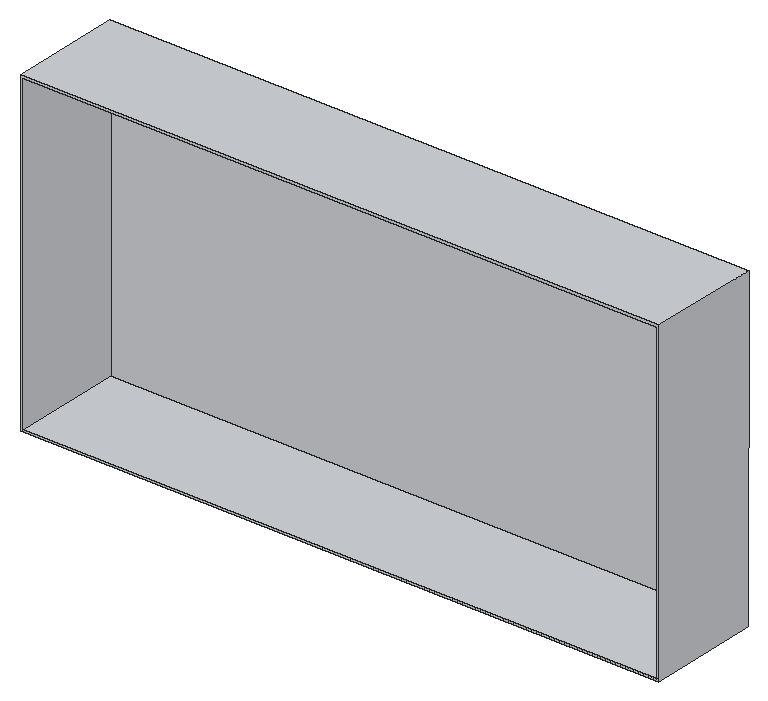
Revit family "Hager-Panelboard_400A_Cable_Spreader-empty-NoHosted-UK-en", category Electrical Equipment, Revit 2020
Family settings
  Panel Configuration = Two Columns, Circuits Across
  Round Connector Dimension = Use Diameter
  Part Type = Panelboard
  Work Plane-Based = Yes
  Always vertical = Yes
  Cut with Voids When Loaded = No
  Shared = No
  Room Calculation Point = No
Parameters (values of type "Surface mounted P2XC W900 H450 D158 0 Modular spacings - JF806E")
  Width Control [instance] = if([HG000006 - Flush mounted], if([EF000846 - Built-in width] > min_whd, [EF000846 - Built-in width], min_whd), if([EF000008 - Width] > min_whd, ([EF000008 - Width]), min_whd))  # 900 mm
  Void Depth [instance] = if([EF000218 - Built-in depth] > 1 mm, [EF000218 - Built-in depth], 1 mm)  # 1 mm
  Type Comments = [HG000003 - Range]  # "Panelboards"
  System Height [instance] = Height Control - 2 * [HG000005 - Thickness]  # 444 mm
  Panel Name [instance] = ""  # (empty or 0)
  Offset [instance] = 0 mm
  Model = [HG000004 - Manufacturer reference]  # "JF806E"
  Level Offset [instance] = [Flush Mounted - Door Frame Width] + Offset  # 0 mm
  HG000017 - Distance between poles = 18 mm
  HG000016 - Door 3d visibility [instance] = yes
  HG000015 - Clearance visibility [instance] = no
  HG000014 - Door on the right [instance] = yes
  HG000013 - Door on the left [instance] = not([HG000014 - Door on the right])  # no
  HG000012 - Door swing angle [instance] = 45.00°
  HG000011 - Empty rows from bottom = no
  HG000010 - Asymmetric doors = no
  HG000009 - Double swing door = no
  HG000008 - Number of empty rows = 0
  HG000007 - Number of empty columns = 0
  HG000006 - Flush mounted = no
  HG000005 - Thickness = 3 mm  # constant formula
  HG000004 - Manufacturer reference = "JF806E"
  HG000003 - Range = "Panelboards"
  HG000002 - With door or cover = no
  HG000001 - Number of columns = 0
  EF015941 - Signal passing door = no
  EF015777 - Neutral terminal block = yes
  EF015776 - Earthing terminal block = yes
  EF009212 - Cover model = ""
  EF006306 - With lock = yes
  EF006244 - Transparent cover/door = no
  EF005474 - Degree of protection (IP) = "EV009848 - IP2XC"
  EF004462 - Type of closure = "EV001412 - Cylinder"
  EF002950 - Width in number of modular spacings = 0
  EF001596 - Material housing = "EV000179 - Steel"
  EF001134 - DIN-rail = no
  EF001131 - Internal depth = 0 mm
  EF001088 - Extension possible = no
  EF001062 - EMC-version = no
  EF000846 - Built-in width = 0 mm
  EF000339 - Type of cover = "EV004216 - Door"
  EF000332 - Built-in height = 0 mm
  EF000266 - Number of rows = 0
  EF000218 - Built-in depth = 0 mm
  EF000118 - With mounting plate = no
  EF000116 - RAL-number = ""
  EF000049 - Depth = 158 mm
  EF000040 - Height = 450 mm
  EF000008 - Width = 900 mm
  EF000007 - Colour = "EV000154 - Other"
  EF000003 - Mounting method = "EV000384 - Surface mounted (plaster)"
  Description = ""
  Default Elevation = 1219.2 mm
  Arrow Offset [instance] = Depth Control / 8  # 19.75 mm
  Arrow Height [instance] = Depth Control - Arrow Offset  # 138.25 mm
  Host Offset [instance] = if([HG000006 - Flush mounted], 0 mm, [EF000049 - Depth])  # 158 mm
  min_whd [instance] = (2 * [HG000005 - Thickness]) + 1 mm  # 7 mm
  Manufacturer = "Hager"  # constant formula
  Height Control [instance] = if([HG000006 - Flush mounted], if([EF000332 - Built-in height] > min_whd, [EF000332 - Built-in height], min_whd), if([EF000040 - Height] > min_whd, ([EF000040 - Height]), min_whd))  # 450 mm
  Flush Mounted - Door Frame Width [instance] = if(([EF000040 - Height] - [EF000332 - Built-in height]) > 0 mm, if([HG000006 - Flush mounted], [EF000040 - Height] - [EF000332 - Built-in height], 0 mm), 0 mm)  # 0 mm
  Depth Control [instance] = if([HG000006 - Flush mounted], if([EF000218 - Built-in depth] > 0 mm, [EF000218 - Built-in depth], 1 mm), if([EF000049 - Depth] > 0 mm, ([EF000049 - Depth]), 1 mm))  # 158 mm
Types (2, lengths in mm): name | System Height | Model | HG000004 - Manufacturer reference | EF001088 - Extension possible | EF000339 - Type of cover | EF000040 - Height | Height Control
  Surface mounted P2XC W900 H300 D158  Modular spacings - JF805E | 294 | "JF805E" | "JF805E" | yes | "EV001012 - Cover" | 300 | 300
  Surface mounted P2XC W900 H450 D158 0 Modular spacings - JF806E | 444 | "JF806E" | "JF806E" | no | "EV004216 - Door" | 450 | 450
Reference planes
  plane 1 "Center (Front/Back)": y = 0
  plane 2: z = 0
  plane 3 "Center (Left/Right)": x = 0
  plane 4: y = 3
  plane 5: y = 0
  plane 6: y = 0
  plane 7: z = 0
  plane 8: x = -450
  plane 9: x = 450
  plane 10: x = 447
  plane 11: x = -447
  plane 12: z = 0
  plane 13: z = 3
  plane 14: y = -153
  plane 15: y = -158
  plane 16: y = -3
  plane 17: z = 447
  plane 18: z = 450
  plane 19: z = 225
  plane 20: x = 0
  plane 21: y = -100
Forms (mm)
  Extrusion 1, solid
    sketch origin (-208.679, -4572, 0) x (-1, 0, 0) y (0, -1, 0)
      loop
        line (241.321, -4414) -> (-658.679, -4414) -> (-658.679, -4572) -> (241.321, -4572) -> (241.321, -4414)
    from 0 to 450 <- "Height Control"
  Extrusion 2, void
    sketch origin (-350.771, -158, 1219.2) x (1, 0, 0) y (0, 0, 1)
      loop
        line (-96.229, -772.2) -> (-96.229, -1216.2) -> (797.771, -1216.2) -> (797.771, -772.2) -> (-96.229, -772.2)
    from 0 to -155
  Extrusion 3, solid, detail levels coarse+medium
    sketch origin (-350.771, -158, 1219.2) x (-1, 0, 0) y (0, 0, 1)
      loop
        line (96.229, -772.2) -> (-797.771, -772.2) -> (-797.771, -1216.2) -> (96.229, -1216.2) -> (96.229, -772.2)
    from 0 to 3 <- "HG000005 - Thickness"
Cuts and joins
  Extrusion 2 cuts Extrusion 1
Dimensions and locks
  "Flush Mounted - Door Frame Width": plane 1 "Center (Front/Back)" to plane 6
  "HG000005 - Thickness": plane 4 to plane 6
  "HG000005 - Thickness": plane 8 to plane 11
  "HG000005 - Thickness": plane 9 to plane 10
  equal spacing: plane 8, plane 3 "Center (Left/Right)", plane 9
  "Width Control": plane 8 to plane 9
  locked: plane 14 to plane 15 at 5
  "Host Offset": plane 1 "Center (Front/Back)" to plane 15
  "Depth Control": plane 5 to plane 15
  "HG000005 - Thickness": plane 5 to plane 16
  "HG000005 - Thickness": plane 13 to plane 12
  "Level Offset": plane 12 to level
  "HG000005 - Thickness": plane 18 to plane 17
  "Height Control": plane 18 to plane 12
  "Arrow Offset": plane 5 to nested 4
  equal spacing: plane 18, plane 19, plane 12
  locked: connector elem to plane 19
  locked: connector elem to plane 3 "Center (Left/Right)"
  aligned and locked: nested 1 to plane 14
  aligned and locked: plane 3 "Center (Left/Right)" to nested 1
  aligned and locked: plane 3 "Center (Left/Right)" to nested 2
  aligned and locked: nested 2 to plane 15
  aligned and locked: Extrusion 1 to plane 5
  aligned and locked: Extrusion 3 sketch curve to plane 17
  aligned and locked: Extrusion 3 sketch curve to plane 11
  aligned and locked: Extrusion 3 sketch curve to plane 13
  aligned and locked: Extrusion 3 sketch curve to plane 10
  aligned and locked: Extrusion 2 sketch curve to plane 13
  aligned and locked: Extrusion 2 sketch curve to plane 10
  aligned and locked: Extrusion 2 sketch curve to plane 17
  aligned and locked: Extrusion 2 sketch curve to plane 11
  aligned and locked: Extrusion 2 to plane 16
  aligned and locked: Extrusion 1 sketch curve to plane 5
  aligned and locked: plane 9 to Extrusion 1 sketch curve
  aligned and locked: plane 8 to Extrusion 1 sketch curve
  aligned and locked: plane 8 to nested 4
  aligned and locked: plane 8 to nested 3
  aligned and locked: nested 3 to plane 5
  aligned and locked: Extrusion 1 sketch curve to plane 15
  aligned and locked: Extrusion 2 to plane 15
Nested families
  nested 1: "Hager_Enclosure_System" at (0, -153, 3), Flush_Mounted <- "HG000006 - Flush mounted", Width <- "EF000008 - Width", Height <- "System Height", Width_Control <- "Width Control", Row_Module_Multiplicator <- "EF002950 - Width in number of modular spacings", Empty_Columns <- "HG000007 - Number of empty columns", Built-in_Width <- "EF000846 - Built-in width", Border <- "HG000005 - Thickness", Total_No_Empty_Rows <- "HG000008 - Number of empty rows", Depth <- "HG000005 - Thickness", Empty_Rows_From_Bottom <- "HG000011 - Empty rows from bottom", Distance_Between_Poles <- "HG000017 - Distance between poles", Rows_Count <- "EF000266 - Number of rows", Columns_Count <- "HG000001 - Number of columns", type "Hager_Enclosure_System", detail levels medium+fine
    with Width_Control 900 mm, Width 900 mm, Total_No_Rows 0, Total_No_Empty_Rows 0, Total_No_Columns 1, System_Width 894 mm, Rows_Count 0, Rows_Column 0, Row_Module_Multiplicator 0, Panel_4 no, Panel_3 no, Panel_2 no, Panel_1 no, No_Panels_Ctrl 1, Hide_Columns yes, Height 444 mm, Flush_Mounted no, Empty_Rows_From_Bottom no, Empty_Rows_Column 0, Empty_Columns 0, Distance_Between_Poles 18 mm, Depth 3 mm, Columns_Count 0, Column_Width 894 mm, Built-in_Width 0 mm, Border 3 mm
  nested 2: "Hager_Enclosure_Door" at (0, -158, 0), Double <- "HG000009 - Double swing door", Height_Ctrl <- "Height Control", Transparent <- "EF006244 - Transparent cover/door", Depth <- "EF000049 - Depth", Height <- "EF000040 - Height", Angle <- "HG000012 - Door swing angle", Door_Right <- "HG000014 - Door on the right", Assymetrical <- "HG000010 - Asymmetric doors", Flush_Mounted <- "HG000006 - Flush mounted", BuiltIn_Depth <- "EF000218 - Built-in depth", BuiltIn_Width <- "EF000846 - Built-in width", Door <- "HG000002 - With door or cover", Width_Ctrl <- "Width Control", 3d_Door <- "HG000016 - Door 3d visibility", Width <- "EF000008 - Width", Border <- "HG000005 - Thickness", BuiltIn_Height <- "EF000332 - Built-in height", Clearance <- "HG000015 - Clearance visibility", Door_Left <- "HG000013 - Door on the left", type "Hager_Enclosure_Door", detail levels medium+fine
    with min_wh 7 mm, Width_Ctrl 900 mm, Width 900 mm, Transparent_Door_No_Bottom_Border no, Transparent no, Leaf_Width 891 mm, Leaf_Tolerance 1.5 mm, Leaf_Height 441 mm, Leaf_2_Width 891 mm, Leaf_2_Offset 445.5 mm, Leaf_1_Width 891 mm, Leaf_1_Offset 445.5 mm, Height_Ctrl 450 mm, Height 450 mm, Frame_Width_Ctrl 900 mm, Frame_Width 900 mm, Frame_Internal_Offset 0 mm, Frame_Height_Ctrl 450 mm, Frame_Height 450 mm, Frame_Depth_Ctrl 1 mm, Frame_Depth 0 mm, Flush_Mounted no, Double_Clearance_Ctrl no, Double no, Door_Right_Ctrl no, Door_Right yes, Door_Left_Ctrl no, Door_Left no, Door no, Depth 158 mm, Clearance_Depth 891 mm, Clearance_Ctrl no, Clearance no, BuiltIn_Width 0 mm, BuiltIn_Height 0 mm, BuiltIn_Depth 0 mm, Border 3 mm, Assymetrical no, Angle 45.00°, 3d_Door yes
  nested 3: "Hager_Enclosure_Symbol_Triangle" at (-450, 0, 0), Depth <- "Depth Control", Width <- "Width Control", type "Hager_Enclosure_Symbol_Triangle"
    with Width_Ctrl 900 mm, Width 900 mm, Depth_Ctrl 158 mm, Depth 158 mm
  nested 4: "Hager_Enclosure_Symbol_Arrow" at (-450, -19.75, 0), Height <- "Arrow Height", type "Hager_Enclosure_Symbol_Arrow"
    with Width_Inside 10.369 mm, Width 124.425 mm, Height_Ctrl 138.25 mm, Height 138.25 mm
Connectors
  electrical at (0, 0, 225)
    settings: on plane 5, index 1, voltage 0 V, apparent load 0 VA, apparent load phase1 0 VA, apparent load phase2 0 VA, apparent load phase3 0 VA, power factor 1, load classification "Other", number of poles 1, system type 30, power factor state 1, is connector primary yes, connector utility no, sub classification motor no, connector description ""
Definition of nested family "Hager_Enclosure_Door"
  Parameters (values of type "Hager_Enclosure_Door")
    min_wh [instance] = (2 * Border) + 1 mm  # 11 mm
    Width_Ctrl [instance] = 400 mm
    Width [instance] = 500 mm
    Transparent_Door_No_Bottom_Border [instance] = no
    Transparent [instance] = yes
    Leaf_Width [instance] = if((Width_Ctrl - 2 * Border - 2 * Leaf_Tolerance) > 0 mm, (Width_Ctrl - 2 * Border - 2 * Leaf_Tolerance), min_wh)  # 387 mm
    Leaf_Tolerance [instance] = 1.5 mm  # constant formula
    Leaf_Height [instance] = if((Height_Ctrl - 2 * Border - 2 * Leaf_Tolerance) > 0 mm, (Height_Ctrl - 2 * Border - 2 * Leaf_Tolerance), min_wh)  # 387 mm
    Leaf_2_Width [instance] = if(and(and(Double, Assymetrical), Door_Left), (Leaf_Width / 3) - (Leaf_Tolerance / 2), if(and(and(Double, Assymetrical), Door_Right), (Leaf_Width / 3) * 2 - (Leaf_Tolerance / 2), if(and(Double, not(Assymetrical)), (Leaf_Width / 2) - Leaf_Tolerance, Leaf_Width)))  # 387 mm
    Leaf_2_Offset [instance] = if(and(Double, Assymetrical), Leaf_2_Width / 2, if(and(Double, not(Assymetrical)), Leaf_Width / 4, Leaf_Width / 2))  # 193.5 mm
    Leaf_1_Width [instance] = if(and(and(Double, Assymetrical), Door_Right), (Leaf_Width / 3) - (Leaf_Tolerance / 2), if(and(and(Double, Assymetrical), Door_Left), (Width / 3) * 2 - (Leaf_Tolerance / 2), if(and(Double, not(Assymetrical)), (Leaf_Width / 2) - Leaf_Tolerance, Leaf_Width)))  # 387 mm
    Leaf_1_Offset [instance] = if(and(Double, Assymetrical), Leaf_1_Width / 2, if(and(Double, not(Assymetrical)), Leaf_Width / 4, Leaf_Width / 2))  # 193.5 mm
    Height_Ctrl [instance] = 400 mm
    Height [instance] = 500 mm
    Frame_Width_Ctrl [instance] = if(Frame_Width > 0 mm, Frame_Width, 1 mm)  # 1 mm
    Frame_Width [instance] = Width - BuiltIn_Width  # 0 mm
    Frame_Internal_Offset [instance] = if(Flush_Mounted, Border, 0 mm)  # 5 mm
    Frame_Height_Ctrl [instance] = if(Frame_Height > 0 mm, Frame_Height, 1 mm)  # 1 mm
    Frame_Height [instance] = Height - BuiltIn_Height  # 0 mm
    Frame_Depth_Ctrl [instance] = if(Frame_Depth > 0 mm, Frame_Depth, 1 mm)  # 1 mm
    Frame_Depth [instance] = if(Depth - BuiltIn_Depth > 0 mm, if(Flush_Mounted, Depth - BuiltIn_Depth, 0 mm), 0 mm)  # 0 mm
    Flush_Mounted [instance] = yes
    Double_Clearance_Ctrl [instance] = and(Double, Clearance)  # no
    Double [instance] = no
    Door_Right_Ctrl [instance] = and(or(Door_Right, Double), Door)  # yes
    Door_Right [instance] = yes
    Door_Left_Ctrl [instance] = and(or(Door_Left, Double), Door)  # no
    Door_Left [instance] = no
    Door [instance] = yes
    Depth [instance] = 500 mm
    Default Elevation = 1219.2 mm
    Clearance_Material = none
    Clearance_Depth [instance] = if(Leaf_1_Width > Leaf_2_Width, Leaf_1_Width, Leaf_2_Width)  # 387 mm
    Clearance_Ctrl [instance] = and(not(Double), Clearance)  # yes
    Clearance [instance] = yes
    BuiltIn_Width [instance] = 500 mm
    BuiltIn_Height [instance] = 500 mm
    BuiltIn_Depth [instance] = 500 mm
    Border [instance] = 5 mm
    Assymetrical [instance] = yes
    Angle [instance] = 30.00°
    3d_Door [instance] = yes
  Reference planes
    plane 1 "Center (Front/Back)": y = 0
    plane 2 "Bottom": z = 0
    plane 3 "Center (Left/Right)": x = 0
    plane 4: z = 400
    plane 5: x = -200
    plane 6: x = 200
    plane 7: z = 395
    plane 8: x = -195
    plane 9: z = 5
    plane 10: x = 195
    plane 11: y = 0
    plane 12: z = 6.5
    plane 13: x = -582
    plane 14: y = -387
    plane 15: x = 582
    plane 16: x = 0
    plane 17: x = 0
    plane 18: x = -193.5
    plane 19: x = 193.5
    plane 20: z = 393.5
  Forms (mm)
    Extrusion 1, solid, visible <- "Flush_Mounted"
      sketch origin (0, 0, 0) x (1, 0, 0) y (0, 0, 1)
        loop
          line (195, 5) -> (195, 395) -> (-195, 395) -> (-195, 5) -> (195, 5)
        loop
          line (-201, 401) -> (-201, -1) -> (201, -1) -> (201, 401) -> (-201, 401)
      from 0 to 1 <- "Frame_Depth_Ctrl"
    Extrusion 2, solid, material <- "Clearance_Material", visible <- "Double_Clearance_Ctrl"
      sketch origin (1200, 0, 0) x (1, 0, 0) y (0, 0, -1)
        loop
          line (-1782, -393.5) -> (-618, -393.5) -> (-618, 0) -> (-1782, 0) -> (-1782, -393.5)
      from 0 to -387
  Dimensions and locks
    equal spacing: plane 5, plane 3 "Center (Left/Right)", plane 6
    "Width_Ctrl": plane 5 to plane 6
    "Border": plane 5 to plane 8
    "Border": plane 6 to plane 10
    "Border": plane 9 to level
    "Border": plane 4 to plane 7
    "Height_Ctrl": plane 4 to level
    "Leaf_Tolerance": plane 12 to plane 9
    "Frame_Depth": plane 11 to plane 1 "Center (Front/Back)"
    "Frame_Width_Ctrl": plane 5 to Extrusion 1 sketch curve
    "Frame_Width_Ctrl": plane 6 to Extrusion 1 sketch curve
    "Frame_Width_Ctrl": Extrusion 1 sketch curve to plane 4
    "Frame_Width_Ctrl": plane 2 "Bottom" to Extrusion 1 sketch curve
    "Leaf_1_Offset": plane 18 to plane 16
    "Leaf_2_Offset": plane 17 to plane 19
    "Leaf_1_Width": plane 13 to plane 8
    "Leaf_2_Width": plane 10 to plane 15
    "Clearance_Depth": plane 14 to plane 1 "Center (Front/Back)"
    "Leaf_Tolerance": plane 8 to plane 18
    "Leaf_Tolerance": plane 19 to plane 10
    "Leaf_Tolerance": plane 7 to plane 20
    "Frame_Internal_Offset": plane 5 to Extrusion 1 sketch curve
    "Frame_Internal_Offset": Extrusion 1 sketch curve to plane 2 "Bottom"
    "Frame_Internal_Offset": plane 6 to Extrusion 1 sketch curve
    "Frame_Internal_Offset": plane 4 to Extrusion 1 sketch curve
    aligned and locked: level to plane 2 "Bottom"
    aligned and locked: nested 1 to plane 16
    aligned and locked: nested 2 to plane 17
    aligned and locked: Extrusion 2 to plane 13
    aligned and locked: plane 15 to Extrusion 2
    aligned and locked: Extrusion 2 to plane 14
    aligned and locked: plane 12 to nested 1
    aligned and locked: nested 2 to plane 12
    aligned and locked: Extrusion 2 to plane 11
    aligned and locked: plane 20 to Extrusion 2
    aligned and locked: nested 2 to plane 11
    aligned and locked: nested 1 to plane 11
  Automatic sketch dimensions
    Extrusion 2 sketch curve to level = 0 mm
    plane 5 to Extrusion 2 sketch curve = 382 mm
    plane 6 to Extrusion 2 sketch curve = 382 mm
    Extrusion 2 sketch curve to plane 4 = 6.5 mm
  Nested families
    nested 1: "Hager_Enclosure_Door_Leaf" at (0, 0, 6.5), Width <- "Leaf_1_Width", visible <- "Door_Left_Ctrl", Leaf_Height <- "Leaf_Height", Angle <- "Angle", Depth <- "Border", 3d_Door <- "3d_Door", Transparent <- "Transparent", Clearance Material <- "Clearance_Material", Clearance <- "Clearance_Ctrl", Transparent_Door_No_Bottom_Border <- "Transparent_Door_No_Bottom_Border", type "Hager_Enclosure_Door_Leaf"
      with Width 387 mm, Transparent_Door_No_Bottom_Border no, Transparent_Door_Border_Bottom_Top 25 mm, Transparent_Door_Border 25 mm, Transparent_Ctrl yes, Transparent yes, Standard no, Leaf_Height 387 mm, Glass_Offset 1 mm, Depth 5 mm, Clearance Material none, Clearance yes, Angle_Ctrl 30.00°, Angle 30.00°, 3d_Door yes
    nested 2: "Hager_Enclosure_Door_Leaf" at (0, 0, 6.5) x (-1, 0, 0) z (0, 0, 1), Width <- "Leaf_2_Width", visible <- "Door_Right_Ctrl", Leaf_Height <- "Leaf_Height", Angle <- "Angle", Depth <- "Border", 3d_Door <- "3d_Door", Transparent <- "Transparent", Clearance Material <- "Clearance_Material", Clearance <- "Clearance_Ctrl", Transparent_Door_No_Bottom_Border <- "Transparent_Door_No_Bottom_Border", type "Hager_Enclosure_Door_Leaf"
      with Width 387 mm, Transparent_Door_No_Bottom_Border no, Transparent_Door_Border_Bottom_Top 25 mm, Transparent_Door_Border 25 mm, Transparent_Ctrl yes, Transparent yes, Standard no, Leaf_Height 387 mm, Glass_Offset 1 mm, Depth 5 mm, Clearance Material none, Clearance yes, Angle_Ctrl 30.00°, Angle 30.00°, 3d_Door yes
  Definition of nested family "Hager_Enclosure_Door_Leaf"
    Parameters (values of type "Hager_Enclosure_Door_Leaf")
      Width [instance] = 2000 mm
      Transparent_Door_No_Bottom_Border [instance] = yes
      Transparent_Door_Border_Bottom_Top [instance] = if(Transparent_Door_No_Bottom_Border, 0.1 mm, Transparent_Door_Border)  # 0.1 mm
      Transparent_Door_Border [instance] = if(Transparent_Door_No_Bottom_Border, (Width * 0.12), 25 mm)  # 240 mm
      Transparent_Ctrl [instance] = and(Transparent, [3d_Door])  # yes
      Transparent [instance] = yes
      Standard [instance] = and(not(Transparent), [3d_Door])  # no
      Leaf_Height [instance] = 2720.336 mm
      Glass_Offset [instance] = if((Depth - 10 mm) / 2 > 0 mm, (Depth - 10 mm) / 2, 1 mm)  # 15 mm
      Glass_Material = none
      Depth [instance] = 40 mm
      Default Elevation = 0 mm
      Clearance Material [instance] = none
      Clearance [instance] = yes
      Angle_Ctrl [instance] = if(Angle > 170.00°, 170.00°, Angle)  # 45.00°
      Angle [instance] = 45.00°
      3d_Door [instance] = yes
    Reference planes
      plane 1 "Center (Front/Back)": y = 0
      plane 2: z = 0
      plane 3 "Center (Left/Right)": x = 0
      plane 4: y = 2000
      plane 5: x = -1000
      plane 6: x = 1000
      plane 7: x = -3000
      plane 8: z = 2720.336
      plane 9: z = 0.1
      plane 10: z = 2720.236
      plane 11: x = 760
      plane 12: x = -760
    Forms (mm)
      Extrusion 1, solid, material <- "Clearance Material", visible <- "Clearance"
        sketch origin (0, 0, 0) x (1, 0, 0) y (0, 0, 1)
          loop
            line (-3000, 2720.336) -> (-3000, 0) -> (1000, 0) -> (1000, 2720.336) -> (-3000, 2720.336)
        from 0 to -2000
      Extrusion 2, solid, visible <- "Standard", detail levels medium+fine
        sketch origin (-1000, 0, 0) x (0.707107, 0.707107, 0) y (-0.707107, 0.707107, 0)
          loop
            line (0, -40) -> (2000, -40) -> (2000, 0) -> (0, 0) -> (0, -40)
        from 0 to 2720.336 <- "Leaf_Height"
      Extrusion 3, solid, visible <- "Transparent_Ctrl", detail levels medium+fine
        sketch origin (-1000, 0, 0) x (0.707107, 0.707107, 0) y (-0.707107, 0.707107, 0)
          loop
            line (0, -40) -> (2000, -40) -> (2000, 0) -> (0, 0) -> (0, -40)
        from 0 to 2720.336 <- "Leaf_Height"
      Extrusion 4, void, detail levels medium+fine
        sketch origin (-1000, 0, 0) x (-0.707107, 0.707107, 0) y (0.707107, 0.707107, 0)
          loop
            line (0, 240) -> (0, 1760) -> (-40, 1760) -> (-40, 240) -> (0, 240)
        from -2720.236 to -0.1
      Extrusion 5, solid, material <- "Glass_Material", visible <- "Transparent_Ctrl", detail levels medium+fine
        sketch origin (-1000, 0, 0) x (0.707107, 0.707107, 0) y (-0.707107, 0.707107, 0)
          loop
            line (240, -15) -> (240, -25) -> (1760, -25) -> (1760, -15) -> (240, -15)
        from 0.1 to 2720.236
    Cuts and joins
      Extrusion 4 cuts Extrusion 3
    Lines and regions (mm)
      symbolic lines
        curve 1: line (1000, 0, 0) -> (-3000, 0, 0)
        curve 2: arc (1000, 0, 0) -> (-1000, 2000, 0) -> (-3000, 0, 0) r 2000
        curve 4: line (-1000, 0, 0) -> (414.214, 1414.214, 0)
      reference lines
        curve 3: line (-1000, 0, 0) -> (414.214, 1414.214, 0)
      symbolic lines, detail levels medium+fine
        curve 5: line (414.214, 1414.214, 0) -> (442.498, 1385.929, 0)
        curve 6: line (442.498, 1385.929, 0) -> (-971.716, -28.284, 0)
        curve 7: line (-971.716, -28.284, 0) -> (-1000, 0, 0)
        curve 8: line (-1000, 0, 2720.336) -> (1000, 0, 2720.336)
        curve 9: line (-1000, 0, 0) -> (-1000, 0, 2720.336)
        curve 10: line (1000, 0, 0) -> (-1000, 0, 0)
        curve 11: line (1000, 0, 2720.336) -> (1000, 0, 0)
      symbolic lines, visible <- "Transparent_Ctrl", detail levels medium+fine
        curve 12: line (-760, 0, 2720.236) -> (760, 0, 2720.236)
        curve 13: line (-760, 0, 0.1) -> (-760, 0, 2720.236)
        curve 14: line (760, 0, 0.1) -> (-760, 0, 0.1)
        curve 15: line (760, 0, 2720.236) -> (760, 0, 0.1)
    Dimensions and locks
      "Width": plane 1 "Center (Front/Back)" to plane 4
      equal spacing: plane 5, plane 3 "Center (Left/Right)", plane 6
      "Width": plane 5 to plane 6
      "Width": plane 7 to plane 5
      "Leaf_Height": plane 8 to level
      "Depth": curve 6 to curve 3
      "Width": curve 5 to curve 3
      "Width": curve 3 to curve 3
      "Transparent_Door_Border": Extrusion 4 sketch curve to curve 7
      "Transparent_Door_Border": Extrusion 4 sketch curve to curve 5
      "Transparent_Door_Border_Bottom_Top": plane 8 to plane 10
      "Transparent_Door_Border_Bottom_Top": plane 9 to level
      "Glass_Offset": Extrusion 5 sketch curve to curve 4
      "Glass_Offset": Extrusion 5 sketch curve to curve 6
      "Transparent_Door_Border": Extrusion 5 sketch curve to curve 5
      "Transparent_Door_Border": Extrusion 5 sketch curve to curve 7
      "Transparent_Door_Border": plane 12 to plane 5
      "Transparent_Door_Border": plane 6 to plane 11
      "Angle_Ctrl": angle plane 1 "Center (Front/Back)" to curve 3
      aligned and locked: level to plane 2
      aligned and locked: Extrusion 1 to curve 1
      aligned and locked: plane 6 to Extrusion 1
      aligned and locked: Extrusion 1 to plane 1 "Center (Front/Back)"
      aligned and locked: plane 4 to Extrusion 1
      aligned and locked: plane 8 to Extrusion 1
      aligned and locked: curve 4 to curve 3
      aligned and locked: Extrusion 2 sketch curve to curve 7
      aligned and locked: Extrusion 2 sketch curve to curve 6
      aligned and locked: Extrusion 2 sketch curve to curve 5
      aligned and locked: Extrusion 2 sketch curve to curve 3
      aligned and locked: curve 7 to Extrusion 3 sketch curve
      aligned and locked: Extrusion 3 sketch curve to curve 4
      aligned and locked: Extrusion 3 sketch curve to curve 6
      aligned and locked: Extrusion 3 sketch curve to curve 5
      aligned and locked: curve 4 to Extrusion 4 sketch curve
      aligned and locked: curve 6 to Extrusion 4 sketch curve
      aligned and locked: Extrusion 4 to plane 9
      aligned and locked: Extrusion 4 to plane 10
      aligned and locked: Extrusion 5 to plane 9
      aligned and locked: Extrusion 5 to plane 10
      aligned and locked: curve 8 to plane 8
      aligned and locked: plane 5 to curve 9
      aligned and locked: plane 2 to curve 10
      aligned and locked: curve 11 to plane 6
      aligned and locked: plane 10 to curve 12
      aligned and locked: plane 12 to curve 13
      aligned and locked: curve 14 to plane 9
      aligned and locked: plane 11 to curve 15
    Automatic sketch dimensions
      plane 1 "Center (Front/Back)" to curve 2 = 0 mm
      curve 2 to plane 5 = 0 mm
      Extrusion 1 sketch curve to level = 0 mm
      Extrusion 1 sketch curve to plane 7 = 0 mm
      Extrusion 1 sketch curve to plane 6 = 0 mm
      Extrusion 1 sketch curve to plane 8 = 0 mm
      plane 1 "Center (Front/Back)" to curve 3 = 0 mm
      curve 3 to plane 5 = 0 mm
      curve 7 to curve 3 = 0 mm
Definition of nested family "Hager_Enclosure_Symbol_Triangle"
  Parameters (values of type "Hager_Enclosure_Symbol_Triangle")
    Width_Ctrl [instance] = if(Width > 1 mm, Width, 1 mm)  # 498 mm
    Width [instance] = 498 mm
    Depth_Ctrl [instance] = if(Depth > 1 mm, Depth, 1 mm)  # 72 mm
    Depth [instance] = 72 mm
  Reference planes
    plane 1 "Centre (avant/arrière)": y = 0
    plane 2: z = 0
    plane 3 "Centre (gauche/droite)": x = 0
  Lines and regions (mm)
    Filled region 1, type "Solid_Black", in view "Niveau de réf."
      outline origin (0, 0, 0) x (1, 0, 0) y (0, 1, 0)
        loop
          line (0, 0) -> (498, 0) -> (498, 72) -> (0, 0)
    reference lines, in view "Niveau de réf."
      curve 1: line (-206.153, 72, 0) -> (1083.258, 72, 0)
      curve 2: line (498, 405.456, 0) -> (498, -517.619, 0)
  Dimensions and locks
    "Depth_Ctrl": plane 1 "Centre (avant/arrière)" to curve 1
    "Width_Ctrl": plane 3 "Centre (gauche/droite)" to curve 2
    aligned and locked: curve 1 to Filled region 1 sketch curve
    aligned and locked: Filled region 1 sketch curve to plane 1 "Centre (avant/arrière)"
    aligned and locked: curve 2 to Filled region 1 sketch curve
    aligned and locked: plane 3 "Centre (gauche/droite)" to Filled region 1 sketch curve
    aligned and locked: plane 1 "Centre (avant/arrière)" to Filled region 1 sketch curve
  Automatic sketch dimensions
    curve 1 to plane 3 "Centre (gauche/droite)" = 206.153 mm
    curve 2 to curve 1 = 585.258 mm
    plane 1 "Centre (avant/arrière)" to curve 2 = 517.619 mm
    curve 2 to plane 1 "Centre (avant/arrière)" = 405.456 mm
Definition of nested family "Hager_Enclosure_Symbol_Arrow"
  Parameters (values of type "Hager_Enclosure_Symbol_Arrow")
    Width_Inside [instance] = if(Width / 12 > 2 mm, Width / 12, 2 mm)  # 4.987 mm
    Width [instance] = if(Height_Ctrl * 0.9 > 2 mm, Height_Ctrl * 0.9, 2 mm)  # 59.85 mm
    Height_Ctrl [instance] = if(Height > 2 mm, Height, 2 mm)  # 66.5 mm
    Height [instance] = 66.5 mm
  Reference planes
    plane 1 "Centre (avant/arrière)": y = 0
    plane 2: z = 0
    plane 3 "Centre (gauche/droite)": x = 0
    plane 4: x = 59.85
    plane 5: y = 28.263
    plane 6: y = 38.238
    plane 7: y = 66.5
    plane 8: x = 29.925
    plane 9: y = 33.25
  Lines and regions (mm)
    Filled region 1, type "Solid_Black", in view "Niveau de réf."
      outline origin (0, 0, 0) x (1, 0, 0) y (0, 1, 0)
        loop
          line (59.85, 66.5) -> (37.929, 52.827) -> (51.846, 41.935) -> (59.85, 66.5)
    detail lines, in view "Niveau de réf."
      curve 1: line (0, 0, 0) -> (29.925, 38.238, 0)
      curve 2: line (29.925, 38.238, 0) -> (29.925, 28.263, 0)
      curve 3: line (29.925, 28.263, 0) -> (59.85, 66.5, 0)
  Dimensions and locks
    "Width": plane 3 "Centre (gauche/droite)" to plane 4
    "Height_Ctrl": plane 7 to plane 1 "Centre (avant/arrière)"
    equal spacing: plane 3 "Centre (gauche/droite)", plane 8, plane 4
    equal spacing: plane 7, plane 9, plane 1 "Centre (avant/arrière)"
    equal spacing: plane 6, plane 9, plane 5
    "Width_Inside": plane 6 to plane 9
    equal spacing: curve 3, Filled region 1 sketch curve, Filled region 1 sketch curve
    angle Filled region 1 sketch curve to curve 3 = 20.00°
    angle curve 3 to Filled region 1 sketch curve = 20.00°
    locked: curve 3 to Filled region 1 sketch curve (angle 90.00°)
  Automatic sketch dimensions
    plane 1 "Centre (avant/arrière)" to curve 1 = 0 mm
    curve 1 to plane 3 "Centre (gauche/droite)" = 0 mm
    curve 2 to plane 6 = 0 mm
    curve 3 to plane 8 = 0 mm
    curve 3 to plane 4 = 0 mm
    curve 2 to plane 5 = 0 mm
    curve 3 to plane 7 = 0 mm
    Filled region 1 sketch curve to plane 4 = 0 mm
    Filled region 1 sketch curve to plane 7 = 0 mm
